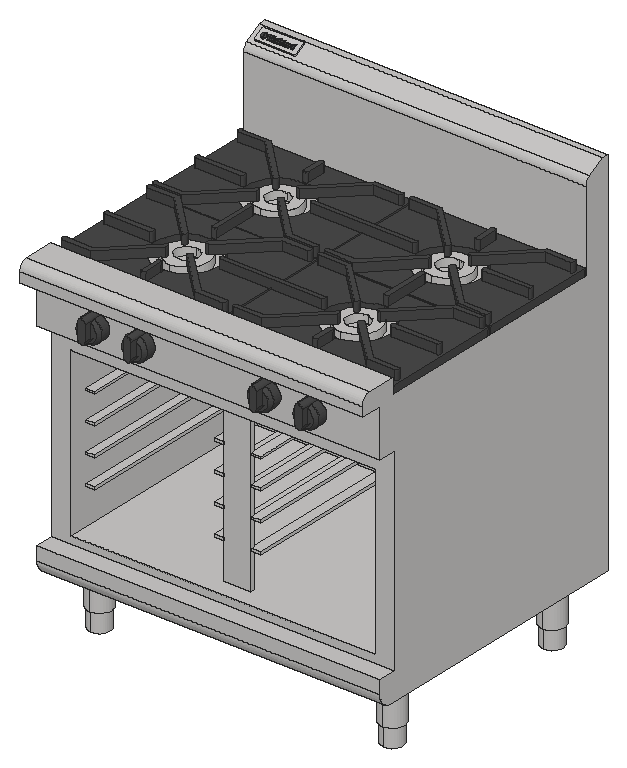
Revit family "QF_MOFFAT WALDORF_RN8900G-CB", category Specialty Equipment, Revit 2012 (continued)
Automatic sketch dimensions
  Extrusion 8 sketch curve to Extrusion 7 = 34.828 mm  (x4)
  Extrusion 8 sketch curve to Extrusion 8 sketch curve = 69.441 mm  (x9)
  Extrusion 8 sketch curve to Extrusion 8 sketch curve = 4.702 mm  (x14)
  Extrusion 8 sketch curve to Extrusion 8 sketch curve = 119.204 mm  (x2)
  Extrusion 8 sketch curve to Extrusion 8 sketch curve = 130.621 mm  (x3)
  Extrusion 8 sketch curve to Extrusion 8 sketch curve = 28.921 mm  (x3)
  Extrusion 8 sketch curve to Extrusion 8 sketch curve = 49.825 mm  (x2)
  Extrusion 1 to Split face 1 sketch curve = 5.177 mm
  Split face 1 sketch curve to Extrusion 1 = 9.153 mm
  Split face 1 sketch curve to Extrusion 1 = 154.563 mm
  Split face 1 sketch curve to Split face 1 sketch curve = 20.0 mm
  Revolve 9 sketch curve to Revolve 9 sketch curve = 23.0 mm
  Revolve 9 sketch curve to Revolve 9 sketch curve = 12.7 mm
  Revolve 9 sketch curve to Revolve 9 sketch curve = 0.0 mm  (x2)
  Revolve 9 sketch curve to plane 6 "TOP" = 327.895 mm
  Revolve 9 sketch curve to Revolve 9 sketch curve = 5.0 mm
  Revolve 9 sketch curve to Revolve 9 sketch curve = 26.651 mm
  Revolve 9 sketch curve to Revolve 9 sketch curve = 5.849 mm
  plane 4 "RIGHT" to Extrusion 10 sketch curve = 175.0 mm
  Extrusion 10 sketch curve to Extrusion 10 sketch curve = 10.0 mm
  Extrusion 10 sketch curve to plane 6 "TOP" = 339.997 mm
  Extrusion 10 sketch curve to Extrusion 10 sketch curve = 38.997 mm
  Revolve 11 sketch curve to plane 5 "FRONT" = 12.0 mm
  Revolve 11 sketch curve to Revolve 11 sketch curve = 0.0 mm  (x2)
  Revolve 11 sketch curve to Revolve 11 sketch curve = 11.0 mm
  Revolve 11 sketch curve to Revolve 11 sketch curve = 12.7 mm
  Revolve 11 sketch curve to Revolve 11 sketch curve = 23.0 mm
  Revolve 11 sketch curve to Revolve 11 sketch curve = 10.0 mm
  Revolve 11 sketch curve to plane 6 "TOP" = 295.593 mm
  Revolve 11 sketch curve to Revolve 11 sketch curve = 5.849 mm
  Revolve 11 sketch curve to Revolve 11 sketch curve = 27.5 mm
  Revolve 11 sketch curve to Revolve 11 sketch curve = 5.0 mm
  plane 7 "Center Y" to Extrusion 12 sketch curve = 175.0 mm
  Extrusion 12 sketch curve to Extrusion 12 sketch curve = 10.0 mm
  Extrusion 12 sketch curve to plane 6 "TOP" = 301.0 mm
  Extrusion 12 sketch curve to Extrusion 12 sketch curve = 39.0 mm
  Extrusion 1 to Split face 2 sketch curve = 5.177 mm
  Split face 2 sketch curve to Extrusion 1 = 9.153 mm
  Split face 2 sketch curve to Extrusion 1 = 204.563 mm
  Split face 2 sketch curve to Split face 2 sketch curve = 20.0 mm
  Extrusion 1 to Split face 3 sketch curve = 5.177 mm
  Split face 3 sketch curve to Extrusion 1 = 9.153 mm
  Split face 3 sketch curve to Extrusion 1 = 254.563 mm
  Split face 3 sketch curve to Split face 3 sketch curve = 20.0 mm
  Extrusion 1 to Split face 4 sketch curve = 5.177 mm
  Split face 4 sketch curve to Extrusion 1 = 9.153 mm
  Split face 4 sketch curve to Extrusion 1 = 304.563 mm
  Split face 4 sketch curve to Split face 4 sketch curve = 20.0 mm
  Extrusion 1 to Split face 5 sketch curve = 5.177 mm
  Split face 5 sketch curve to Extrusion 1 = 9.153 mm
  Split face 5 sketch curve to Extrusion 1 = 354.563 mm
  Split face 5 sketch curve to Split face 5 sketch curve = 20.0 mm
  Extrusion 1 to Split face 6 sketch curve = 5.177 mm
  Split face 6 sketch curve to Extrusion 1 = 9.153 mm
  Split face 6 sketch curve to Extrusion 1 = 404.563 mm
  Split face 6 sketch curve to Split face 6 sketch curve = 20.0 mm
  Extrusion 1 to Split face 7 sketch curve = 5.177 mm
  Split face 7 sketch curve to Extrusion 1 = 9.153 mm
  Split face 7 sketch curve to Extrusion 1 = 445.437 mm
  Split face 7 sketch curve to Split face 7 sketch curve = 20.0 mm
  Extrusion 1 to Split face 8 sketch curve = 5.177 mm
  Split face 8 sketch curve to Extrusion 1 = 9.153 mm
  Split face 8 sketch curve to Extrusion 1 = 395.437 mm
  Split face 8 sketch curve to Split face 8 sketch curve = 20.0 mm
  Extrusion 1 to Split face 9 sketch curve = 5.177 mm
  Split face 9 sketch curve to Extrusion 1 = 9.153 mm
  Split face 9 sketch curve to Extrusion 1 = 345.437 mm
  Split face 9 sketch curve to Split face 9 sketch curve = 20.0 mm
  Extrusion 1 to Split face 10 sketch curve = 5.177 mm
  Split face 10 sketch curve to Extrusion 1 = 9.153 mm
  Split face 10 sketch curve to Extrusion 1 = 295.437 mm
  Split face 10 sketch curve to Split face 10 sketch curve = 20.0 mm
  Extrusion 1 to Split face 11 sketch curve = 5.177 mm
  Split face 11 sketch curve to Extrusion 1 = 9.153 mm
  Split face 11 sketch curve to Extrusion 1 = 245.437 mm
  Split face 11 sketch curve to Split face 11 sketch curve = 20.0 mm
  Extrusion 1 to Split face 12 sketch curve = 5.177 mm
  Split face 12 sketch curve to Extrusion 1 = 9.153 mm
  Split face 12 sketch curve to Extrusion 1 = 195.437 mm
  Split face 12 sketch curve to Split face 12 sketch curve = 20.0 mm
  Revolve 13 sketch curve to plane 9 "Base Height" = 0.0 mm
  Revolve 13 sketch curve to level = 0.0 mm
  level to Revolve 13 sketch curve = 50.0 mm
  plane 1 "BACK" to Revolve 13 sketch curve = 131.75 mm
  Revolve 13 sketch curve to Revolve 13 sketch curve = 4.25 mm
  Revolve 13 sketch curve to Revolve 13 sketch curve = 27.5 mm  (x2)
  Revolve 13 sketch curve to Revolve 13 sketch curve = 55.0 mm
  Revolve 13 sketch curve to Revolve 13 sketch curve = 0.0 mm
  Revolve 14 sketch curve to plane 9 "Base Height" = 0.0 mm
  Revolve 14 sketch curve to level = 0.0 mm
  level to Revolve 14 sketch curve = 50.0 mm
  Revolve 14 sketch curve to plane 5 "FRONT" = 148.25 mm
  Revolve 14 sketch curve to Revolve 14 sketch curve = 4.25 mm
  Revolve 14 sketch curve to Revolve 14 sketch curve = 27.5 mm  (x2)
  Revolve 14 sketch curve to Revolve 14 sketch curve = 55.0 mm
  Revolve 14 sketch curve to Revolve 14 sketch curve = 0.0 mm
  Revolve 15 sketch curve to plane 9 "Base Height" = 0.0 mm
  Revolve 15 sketch curve to level = 0.0 mm
  level to Revolve 15 sketch curve = 50.0 mm
  plane 1 "BACK" to Revolve 15 sketch curve = 131.75 mm
  Revolve 15 sketch curve to Revolve 15 sketch curve = 4.25 mm
  Revolve 15 sketch curve to Revolve 15 sketch curve = 27.5 mm  (x2)
  Revolve 15 sketch curve to Revolve 15 sketch curve = 0.0 mm
  Revolve 15 sketch curve to Revolve 15 sketch curve = 55.0 mm
  Revolve 16 sketch curve to plane 9 "Base Height" = 0.0 mm
  Revolve 16 sketch curve to level = 0.0 mm
  level to Revolve 16 sketch curve = 50.0 mm
  Revolve 16 sketch curve to plane 5 "FRONT" = 148.25 mm
  Revolve 16 sketch curve to Revolve 16 sketch curve = 4.25 mm
  Revolve 16 sketch curve to Revolve 16 sketch curve = 27.5 mm  (x2)
  Revolve 16 sketch curve to Revolve 16 sketch curve = 0.0 mm
  Revolve 16 sketch curve to Revolve 16 sketch curve = 55.0 mm
  Extrusion 1 to Extrusion 17 sketch curve = 0.0 mm  (x3)
  Extrusion 1 to Extrusion 17 sketch curve = 50.0 mm  (x2)
  Extrusion 1 to Extrusion 17 sketch curve = 60.0 mm
  Extrusion 1 sketch curve to plane 5 "FRONT" = 0.0 mm
  plane 10 to Extrusion 1 sketch curve = 0.0 mm
  Extrusion 1 sketch curve to plane 9 "Base Height" = 0.0 mm  (x2)
  Extrusion 1 sketch curve to plane 6 "TOP" = 0.0 mm
  Extrusion 1 sketch curve to plane 1 "BACK" = 0.0 mm
  Extrusion 1 sketch curve to plane 5 "FRONT" = 24.0 mm
  Extrusion 1 sketch curve to plane 5 "FRONT" = 56.0 mm  (x2)
  Extrusion 1 sketch curve to Extrusion 1 sketch curve = 38.0 mm
  Extrusion 1 sketch curve to Extrusion 1 sketch curve = 44.0 mm
  Extrusion 1 sketch curve to Extrusion 1 sketch curve = 12.0 mm
  Extrusion 1 sketch curve to Extrusion 1 sketch curve = 100.0 mm
  plane 1 "BACK" to Extrusion 1 sketch curve = 70.0 mm
  Extrusion 1 sketch curve to plane 6 "TOP" = 24.369 mm
  Extrusion 1 sketch curve to Extrusion 1 sketch curve = 11.291 mm
  Extrusion 1 sketch curve to Extrusion 1 sketch curve = 22.582 mm
  Extrusion 1 sketch curve to Extrusion 1 sketch curve = 16.5 mm
  Extrusion 1 sketch curve to Extrusion 1 sketch curve = 34.5 mm
  plane 10 to Extrusion 1 sketch curve = 175.0 mm
  Extrusion 1 sketch curve to Extrusion 1 sketch curve = 25.0 mm
  plane 10 to Extrusion 1 sketch curve = 40.0 mm
  Extrusion 17 sketch curve to Extrusion 1 = 0.0 mm
  Extrusion 17 sketch curve to Extrusion 1 = 92.5 mm
  plane 1 "BACK" to Extrusion 18 sketch curve = 87.26 mm
  plane 4 "RIGHT" to Extrusion 18 sketch curve = 67.262 mm
  Extrusion 18 sketch curve to Extrusion 18 sketch curve = 81.0 mm
  Extrusion 18 sketch curve to Extrusion 18 sketch curve = 48.5 mm
  plane 1 "BACK" to Extrusion 18 sketch curve = 38.76 mm
  Extrusion 18 sketch curve to plane 1 "BACK" = 30.24 mm
  Extrusion 1 to Extrusion 20 sketch curve = 75.0 mm  (x2)
  Extrusion 20 sketch curve to Extrusion 1 = 188.75 mm  (x3)
  Extrusion 20 sketch curve to Extrusion 20 sketch curve = 0.0 mm  (x6)
  Extrusion 1 to Extrusion 20 sketch curve = 50.0 mm  (x4)
  Extrusion 20 sketch curve to Extrusion 20 sketch curve = 6.35 mm  (x16)
  Extrusion 20 sketch curve to Extrusion 20 sketch curve = 68.65 mm  (x12)
  Extrusion 20 sketch curve to Extrusion 20 sketch curve = 25.0 mm  (x16)
  Extrusion 20 sketch curve to Extrusion 20 sketch curve = 314.5 mm
  Extrusion 20 sketch curve to Extrusion 20 sketch curve = 71.0 mm  (x4)
  Extrusion 19 sketch curve to Extrusion 1 = 92.5 mm
  Extrusion 1 to Extrusion 19 sketch curve = 60.0 mm
  Extrusion 1 to Extrusion 19 sketch curve = 414.5 mm
  Extrusion 19 sketch curve to Extrusion 19 sketch curve = 71.0 mm
  curve 70 to curve 114 = 0.937 mm
  curve 84 to curve 119 = 0.937 mm
  curve 96 to curve 116 = 1.95 mm
  curve 104 to curve 118 = 1.95 mm
  curve 108 to curve 118 = 6.335 mm
  curve 81 to curve 120 = 7.237 mm
  curve 117 to curve 90 = 1.48 mm
  curve 119 to curve 84 = 0.579 mm
  curve 104 to curve 115 = 7.335 mm
  curve 70 to curve 114 = 8.237 mm
  curve 116 to curve 88 = 0.48 mm
  curve 86 to curve 113 = 0.421 mm
  Extrusion 1 to Extrusion 7 sketch curve = 1.0 mm  (x3)
  Extrusion 1 to Extrusion 7 sketch curve = 4.0 mm  (x4)
  Extrusion 7 sketch curve to Extrusion 7 sketch curve = 3.0 mm  (x8)
  Extrusion 7 sketch curve to Extrusion 7 sketch curve = 0.0 mm  (x8)
  Extrusion 1 to Extrusion 7 sketch curve = 167.079 mm
  Extrusion 1 to Extrusion 7 sketch curve = 167.98 mm
  Extrusion 7 sketch curve to Extrusion 7 sketch curve = 144.395 mm
  Extrusion 7 sketch curve to Extrusion 7 sketch curve = 145.296 mm
  Extrusion 7 sketch curve to Extrusion 1 = 167.921 mm
  Extrusion 7 sketch curve to Extrusion 1 = 167.02 mm
  Extrusion 7 sketch curve to Extrusion 1 = 4.0 mm  (x3)
  Extrusion 7 sketch curve to Extrusion 1 = 1.0 mm  (x2)
  Extrusion 1 to Extrusion 7 sketch curve = 224.937 mm  (x2)
  Extrusion 7 sketch curve to Extrusion 7 sketch curve = 220.251 mm
  Extrusion 7 sketch curve to Extrusion 7 sketch curve = 3.625 mm  (x2)
  Extrusion 1 to Extrusion 7 sketch curve = 224.05 mm  (x2)
  Extrusion 7 sketch curve to Extrusion 7 sketch curve = 155.605 mm
  Extrusion 21 sketch curve to Extrusion 21 sketch curve = 0.0 mm  (x49)
  Extrusion 1 to Extrusion 21 sketch curve = 110.5 mm  (x2)
  Extrusion 21 sketch curve to Extrusion 21 sketch curve = 27.0 mm  (x4)
  Extrusion 21 sketch curve to Extrusion 21 sketch curve = 30.0 mm  (x4)
  Extrusion 21 sketch curve to Extrusion 21 sketch curve = 185.0 mm  (x2)
  Extrusion 1 to Extrusion 21 sketch curve = 224.0 mm  (x2)
  Extrusion 1 to Extrusion 21 sketch curve = 226.0 mm
  curve 86 to curve 121 = 0.0 mm  (x2)
  curve 86 to curve 122 = 27.0 mm
  curve 88 to curve 123 = 0.0 mm  (x2)
  curve 89 to curve 123 = 27.0 mm
  curve 90 to curve 125 = 0.0 mm  (x2)
  curve 90 to curve 125 = 27.0 mm
  curve 84 to curve 127 = 0.0 mm  (x2)
  curve 84 to curve 127 = 27.0 mm
  radius of Extrusion 4 sketch curve = 13.5 mm
  radius of Extrusion 7 sketch curve = 84.082 mm  (x4)
Nested families
  nested 1: "RN8900G-CB-CASTERS" at (65, -100, 0), Show Casters <- "Show Casters", visible <- "Show Casters", type "RN8900G-CB-CASTERS"
    with Type Mark "", Status "", Specification by User "", Show Casters no, Revision Code "", Item Number "", Installed By "", Identify Quantity as Lot yes, Furnished By "", Foodservice Equipment Identifier yes
  nested 2: "RN8900G-CB-CASTERS" at (835, -100, 0), Show Casters <- "Show Casters", visible <- "Show Casters", type "RN8900G-CB-CASTERS"
    with Type Mark "", Status "", Specification by User "", Show Casters no, Revision Code "", Item Number "", Installed By "", Identify Quantity as Lot yes, Furnished By "", Foodservice Equipment Identifier yes
  nested 3: "WALDORF LOGO_FACE BASE" at (11.841, -21.843, 1126.915) x (1, 0, 0) z (0, -0.5, 0.866), visible <- "Show Logo", type "WALDORF LOGO_FACE BASE", detail levels medium+fine
    with Show Logo yes
Connectors
  piping at (770, -32, 655)
    settings: on Extrusion 4, index 3, connector radius 0.37402", flow factor 0, pipe flow 0 GPM, pressure drop 0.00 psi, fitting loss kfactor 0, connector angle 0.00°, fixture units 0, engagement length 0.0 mm, flow configuration 1, flow direction 1, fitting loss method 0, system type 7, joint type 0, gender type 0, connector reference index -1, connector utility 0, adjustable connector no, is connector primary yes, fitting loss table "", connector description "GAS CONNECTION"
Definition of nested family "WALDORF LOGO_FACE BASE"
  Parameters (values of type "WALDORF LOGO_FACE BASE")
    Show Logo [instance] = yes
    Default Elevation = 1219.2 mm
  Reference planes
    plane 1 "Center (Front/Back)": y = 0
    plane 2: z = 0
    plane 3 "Center (Left/Right)": x = 0
  Forms (mm)
    Extrusion 1, solid
      sketch origin (0, 0, 0) x (1, 0, 0) y (0, 1, 0)
        loop
          line (-1219.2, 1219.2) -> (-1219.2, -1219.2) -> (1219.2, -1219.2) -> (1219.2, 1219.2) -> (-1219.2, 1219.2)
      from 0 to -304.8
    Extrusion 2, solid, material "QF_Finishes_Stainless Steel", visible <- "Show Logo"
      sketch origin (0, -33.217, 0) x (1, 0, 0) y (0, 1, 0)
        loop
          arc (5, 34.14) -> (1.464, 32.676) -> (0, 29.14) r 5
          line (0, 29.14) -> (0, 5)
          arc (0, 5) -> (1.464, 1.464) -> (5, 0) r 5
          line (5, 0) -> (104, 0)
          arc (104, 0) -> (107.536, 1.464) -> (109, 5) r 5
          line (109, 5) -> (109, 29.14)
          arc (109, 29.14) -> (107.536, 32.676) -> (104, 34.14) r 5
          line (104, 34.14) -> (5, 34.14)
      from 0 to 1.588
    Extrusion 3, solid, material "QF_Finishes_Black", visible <- "Show Logo"
      sketch origin (0, -33.217, 1.588) x (1, 0, 0) y (0, 1, 0)
        loop
          line (24.772, 23.214) -> (27.992, 10.301) -> (31.551, 10.301) -> (33.443, 17.364) -> (35.205, 10.301) -> (39.332, 10.301) -> (42.077, 23.214) -> (38.352, 23.214) -> (36.676, 15.33) -> (35, 23.214) -> (31.752, 23.214) -> (30.076, 15.33) -> (28.4, 23.214) -> (24.772, 23.214)
        loop
          line (42.272, 17.055) -> (45.703, 17.055)
          spline (45.703, 17.055) -> (45.741, 17.285) -> (45.852, 17.499) -> (46.028, 17.682) -> (46.258, 17.823) -> (46.526, 17.912) -> (46.813, 17.942) -> (47.1, 17.912) -> (47.368, 17.823) -> (47.597, 17.682) -> (47.774, 17.499) -> (47.884, 17.285) -> (47.922, 17.055)
          line (47.922, 17.055) -> (47.922, 16.222)
          arc (47.922, 16.222) -> (45.742, 16.014) -> (43.665, 15.317) r 9.604
          arc (43.665, 15.317) -> (41.924, 12.809) -> (43.665, 10.301) r 2.677
          arc (43.665, 10.301) -> (45.527, 10.353) -> (47.332, 10.816) r 8.365
          line (47.332, 10.816) -> (48.092, 11.105) -> (48.092, 10.301) -> (51.817, 10.301) -> (51.817, 17.055)
          spline (51.817, 17.055) -> (51.654, 17.821) -> (51.178, 18.535) -> (50.419, 19.148) -> (49.431, 19.619) -> (48.28, 19.914) -> (47.044, 20.015) -> (45.809, 19.914) -> (44.658, 19.619) -> (43.67, 19.148) -> (42.911, 18.535) -> (42.434, 17.821) -> (42.272, 17.055)
        loop
          line (53.151, 23.214) -> (53.151, 10.301) -> (57.37, 10.301) -> (57.37, 23.214) -> (53.151, 23.214)
        loop
          line (64.874, 23.214) -> (64.874, 18.857)
          arc (64.874, 18.857) -> (58.083, 15.11) -> (64.874, 11.363) r 4.429
          line (64.874, 11.363) -> (64.874, 10.301) -> (68.378, 10.301) -> (68.378, 23.214) -> (64.874, 23.214)
        loop
          arc (64.874, 16.083) -> (61.41, 14.987) -> (64.874, 13.891) r 1.905
          line (64.874, 13.891) -> (64.874, 16.083)
        loop
          circle (74.623, 15.223) r 5
        loop
          spline (74.623, 17.856) -> (74.355, 17.766) -> (74.105, 17.503) -> (73.891, 17.084) -> (73.726, 16.539) -> (73.623, 15.904) -> (73.588, 15.223) -> (73.623, 14.541) -> (73.726, 13.906) -> (73.891, 13.361) -> (74.105, 12.942) -> (74.355, 12.679) -> (74.623, 12.59)
          spline (74.623, 12.59) -> (74.891, 12.679) -> (75.141, 12.942) -> (75.355, 13.361) -> (75.52, 13.906) -> (75.623, 14.541) -> (75.659, 15.223) -> (75.623, 15.904) -> (75.52, 16.539) -> (75.355, 17.084) -> (75.141, 17.503) -> (74.891, 17.766) -> (74.623, 17.856)
        loop
          line (81.255, 19.813) -> (81.255, 10.301) -> (84.834, 10.301) -> (84.834, 14.176)
          arc (84.834, 14.176) -> (85.854, 16.093) -> (88.013, 16.32) r 2.313
          line (88.013, 16.32) -> (88.013, 19.813) -> (87.161, 19.813)
          arc (87.161, 19.813) -> (85.526, 19.266) -> (84.549, 17.844) r 2.717
          line (84.549, 17.844) -> (84.549, 19.813) -> (81.255, 19.813)
        loop
          line (90.249, 19.813) -> (88.91, 19.813) -> (88.91, 17.614) -> (90.249, 17.614) -> (90.249, 10.301) -> (93.998, 10.301) -> (93.998, 17.614) -> (95.418, 17.614) -> (95.418, 19.813) -> (93.998, 19.813)
          arc (93.998, 19.813) -> (94.414, 20.817) -> (95.418, 21.233) r 1.42
          line (95.418, 21.233) -> (95.418, 23.602) -> (93.317, 23.602)
          arc (93.317, 23.602) -> (91.343, 22.903) -> (90.249, 21.118) r 3.137
          line (90.249, 21.118) -> (90.249, 19.813)
        loop
          arc (15.241, 23.571) -> (8.392, 16.525) -> (15.241, 9.479) r 7.049
          line (15.241, 9.479) -> (15.241, 23.571)
        loop
          line (15.641, 23.571) -> (15.641, 9.479)
          arc (15.641, 9.479) -> (22.49, 16.525) -> (15.641, 23.571) r 7.049
        loop
          arc (47.922, 14.711) -> (46.266, 13.749) -> (47.922, 12.787) r 1.107
          line (47.922, 12.787) -> (47.922, 14.711)
      from 0 to 0.2
  Dimensions and locks
    aligned and locked: plane 2 to Extrusion 1
    aligned and locked: level to Extrusion 1
Definition of nested family "RN8900G-CB-CASTERS"
  Parameters (values of type "BTL8450-CB-CASTERS")
    Weight = ""
    URL Manufacturer = ""
    URL Cutsheet = ""
    URL = ""
    Type Mark [instance] = ""
    Status [instance] = ""
    Specification by User [instance] = ""
    Specification by Manufacturer = ""
    Show Casters [instance] = no
    Serial Number = ""
    Seismic Rating = ""
    SMACNA No = ""
    Revision Code [instance] = ""
    Omniclass Number and Title = ""
    NAFEM Spec ID Number = ""
    Model = ""
    MasterSpec. = ""
    Manufacturer = ""
    Item Number [instance] = ""
    Installed By [instance] = ""
    Identify Quantity as Lot [instance] = yes
    Furnished By [instance] = ""
    Foodservice Equipment Identifier [instance] = yes
    Description = ""
    CSI MasterFormat = ""
    CSI Master Format = ""
    Assembly Code = ""
  Reference planes
    plane 1: z = 0
    plane 2 "RIGHT": x = 0
    plane 3 "FRONT": y = 0
    plane 4 "TOP": z = 177.8
  Forms (mm)
    Revolve 1, solid, material "QF_Finishes_Stainless Steel", visible <- "Show Casters"
      sketch origin (0, 56.335, 0) x (0, 1, 0) y (0, 0, 1)
        loop
          line (-56.335, 152.4) -> (-56.335, 141.118) -> (-23.798, 141.118) -> (-23.798, 152.4) -> (-56.335, 152.4)
        axis (-56.335, 141.118) -> (-56.335, 152.4)
      angle from 0 to 360
    Extrusion 2, solid, material "QF_Finishes_Stainless Steel", visible <- "Show Casters"
      sketch origin (-46.049, 56.335, 0) x (0, 1, 0) y (0, 0, 1)
        loop
          line (-85.799, 141.118) -> (-85.799, 133.498) -> (-82.136, 133.498)
          arc (-82.136, 133.498) -> (-79.344, 132.328) -> (-77.146, 130.248) r 8.432
          line (-77.146, 130.248) -> (-39.502, 49.52)
          arc (-39.502, 49.52) -> (-13.784, 46.107) -> (-5.673, 70.75) r 20.32
          arc (-5.673, 70.75) -> (-7.065, 73.611) -> (-8.887, 76.22) r 20.32
          arc (-8.887, 76.22) -> (-9.399, 85.377) -> (-6.626, 94.119) r 25.4
          line (-6.626, 94.119) -> (8.003, 121.632)
          arc (8.003, 121.632) -> (-2.347, 126.31) -> (-13.34, 129.167) r 66.802
          line (-13.34, 129.167) -> (-13.765, 133.498) -> (-26.871, 133.498) -> (-26.871, 141.118) -> (-85.799, 141.118)
      from 20.058 to 22.923
    Extrusion 3, solid, material "QF_Finishes_Stainless Steel", visible <- "Show Casters"
      sketch origin (3.326, 56.335, 0) x (0, 1, 0) y (0, 0, 1)
        loop
          line (-85.799, 141.118) -> (-85.799, 133.498) -> (-82.136, 133.498)
          arc (-82.136, 133.498) -> (-79.344, 132.328) -> (-77.146, 130.248) r 8.432
          line (-77.146, 130.248) -> (-39.502, 49.52)
          arc (-39.502, 49.52) -> (-13.784, 46.107) -> (-5.673, 70.75) r 20.32
          arc (-5.673, 70.75) -> (-7.065, 73.611) -> (-8.887, 76.22) r 20.32
          arc (-8.887, 76.22) -> (-9.399, 85.377) -> (-6.626, 94.119) r 25.4
          line (-6.626, 94.119) -> (8.003, 121.632)
          arc (8.003, 121.632) -> (-2.347, 126.31) -> (-13.34, 129.167) r 66.802
          line (-13.34, 129.167) -> (-13.765, 133.498) -> (-26.871, 133.498) -> (-26.871, 141.118) -> (-85.799, 141.118)
      from 20.058 to 22.923
    Extrusion 4, solid, material "QF_Finishes_Stainless Steel", visible <- "Show Casters"
      sketch origin (-49.224, 56.335, 0) x (0, 1, 0) y (0, 0, 1)
        loop
          line (-85.799, 141.118) -> (-85.799, 133.498) -> (-82.136, 133.498) -> (-18.877, 127.964) -> (7.14, 120.01) -> (8.003, 121.632)
          arc (8.003, 121.632) -> (-2.347, 126.31) -> (-13.34, 129.167) r 66.802
          line (-13.34, 129.167) -> (-13.765, 133.498) -> (-26.871, 133.498) -> (-26.871, 141.118) -> (-85.799, 141.118)
      from 26.098 to 72.56
    Revolve 5, solid, material "QF_Finishes_Stainless Steel", visible <- "Show Casters"
      sketch origin (-49.224, 30.821, 0) x (1, 0, 0) y (0, 0, 1)
        loop
          line (14.841, 63.604) -> (83.584, 63.604) -> (83.584, 67.109) -> (82.314, 68.379) -> (80.79, 68.379) -> (80.79, 71.826) -> (68.644, 71.826) -> (68.644, 81.79) -> (65.088, 83.843) -> (61.683, 104.879) -> (65.881, 104.879) -> (65.881, 111.229) -> (65.088, 111.229) -> (65.088, 117.579)
          arc (65.088, 117.579) -> (62.298, 124.314) -> (55.563, 127.104) r 9.525
          line (55.563, 127.104) -> (42.863, 127.104)
          arc (42.863, 127.104) -> (36.127, 124.314) -> (33.338, 117.579) r 9.525
          line (33.338, 117.579) -> (33.338, 111.229) -> (32.544, 111.229) -> (32.544, 104.879) -> (36.742, 104.879) -> (33.352, 83.932) -> (29.782, 81.871) -> (29.782, 71.826) -> (17.635, 71.826) -> (17.635, 68.379) -> (16.111, 68.379) -> (14.841, 67.109) -> (14.841, 63.604)
        axis (14.841, 63.604) -> (83.584, 63.604)
      angle from 0 to 360
  Cuts and joins
    joined: Extrusion 2, Extrusion 3, Extrusion 4
  Lines and regions (mm)
    symbolic lines, style "SpecialityEquipmentHiddenLines", visible <- "Show Casters"
      curve 1: line (18.009, 67.053, 0) -> (45.595, 51.127, 0)
      curve 2: line (-45.491, -42.932, 0) -> (18.009, 67.053, 0)
      curve 3: line (-17.905, -58.859, 0) -> (-45.491, -42.932, 0)
      curve 4: line (45.595, 51.127, 0) -> (-17.905, -58.859, 0)
  Dimensions and locks
    plane 4 "TOP" to level = 177.8 mm  (x2)
    Revolve 5 sketch curve to Revolve 5 sketch curve = 63.5 mm
    aligned and locked: level to plane 1
